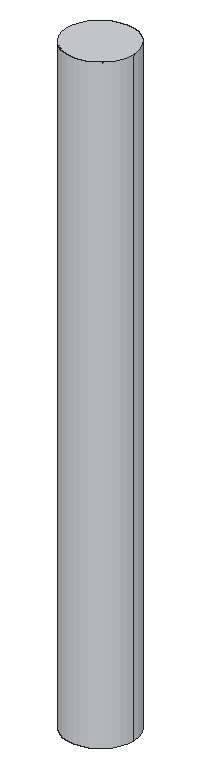
Revit family "기둥 - 원형", category 난간동자, Revit 2026
Family settings
  항상 수직 = 예
  로드될 때 보이드를 사용하여 절단 = 아니오
  공유 = 아니오
Parameters (values of type "100mm")
  built-in parameter 1008623 [instance] = (empty or 0)
  built-in parameter 1008625 [instance] = (empty or 0)
  반지름 = 폭 / 2  # 50 mm
  기둥 재료 = none
  폭 = 100 mm
  Post = yes
  built-in parameter 1008624 [instance] = (empty or 0)
  built-in parameter 1008622 [instance] = 915 mm
Types (5, lengths in mm): name | 반지름 | 폭
  (no name) | 50 | 100
  30mm | 15 | 30
  60mm | 30 | 60
  100mm | 50 | 100
  150mm | 75 | 150
Reference planes
  plane 1 "중심(앞/뒤)": y = 0
  plane 2: z = 0
  plane 3 "중심(왼쪽/오른쪽)": x = 0
  plane 4 "상단": z = 915
Forms (mm)
  Extrusion 1, solid, material <- "기둥 재료"
    sketch origin (0, 0, 0) x (1, 0, 0) y (0, 1, 0)
      loop
        circle (0, 0) r 50
    from 0 to 915
Dimensions and locks
  "built-in parameter 1008622": plane 2 to plane 4 "상단"
  "반지름": radius of Extrusion 1 sketch curve
  aligned and locked: Extrusion 1 to level
  aligned and locked: Extrusion 1 to plane 4 "상단"
Automatic sketch dimensions
  Extrusion 1 sketch curve to plane 1 "중심(앞/뒤)" = 0 mm
  Extrusion 1 sketch curve to plane 3 "중심(왼쪽/오른쪽)" = 0 mm
